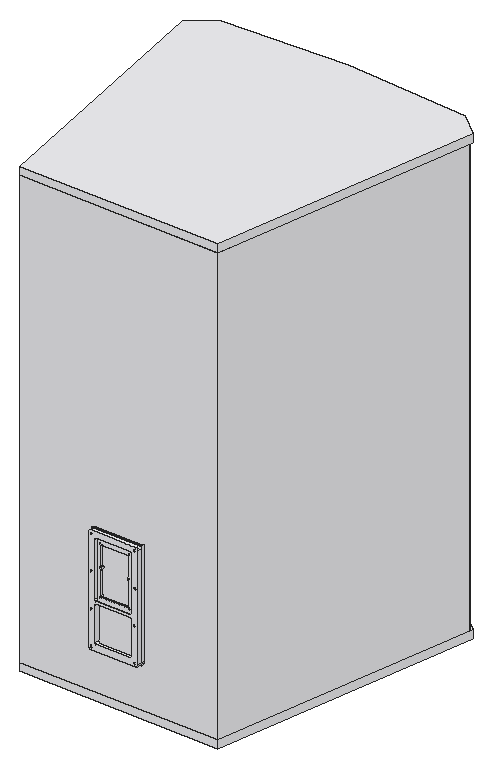
Revit family "EVC-1122-95", category Communication Devices, Revit 2017 (continued)
Definition of nested family "InputPanel_small"
  Lines and regions (mm)
    model lines
      curve 1113: line (-27.412, -4.337, 28.798) -> (-27.982, -4.337, 28.799)
      curve 1114: line (-27.982, -4.337, 28.799) -> (-25.944, -4.337, 31.286)
      curve 1115: line (-22.849, -4.337, 23.874) -> (-22.85, -4.337, 20.831)
      curve 1116: line (-22.85, -4.337, 20.831) -> (-17.426, -4.337, 20.83)
      curve 1117: line (-17.426, -4.337, 20.83) -> (-17.423, -4.337, 46.056)
      curve 1118: line (-17.423, -4.337, 46.056) -> (-22.846, -4.337, 46.056)
      curve 1119: line (-22.846, -4.337, 46.056) -> (-24.27, -4.337, 46.056)
      curve 1120: line (-24.27, -4.337, 46.056) -> (-21.157, -4.337, 46.184)
      curve 1121: line (-21.157, -4.337, 46.184) -> (-21.035, -4.337, 46.361)
      curve 1122: line (-24.273, -4.337, 20.831) -> (-22.85, -4.337, 20.831)
      curve 1123: line (-16.642, -4.337, 39.451) -> (-16.643, -4.337, 33.939)
      curve 1124: line (-16.643, -4.337, 33.939) -> (-12.428, -4.337, 33.939)
      curve 1125: line (-12.428, -4.337, 33.939) -> (-12.427, -4.337, 39.451)
      curve 1126: line (-12.427, -4.337, 39.451) -> (-16.642, -4.337, 39.451)
      curve 1127: line (-12.427, -4.337, 40.047) -> (-12.426, -4.337, 45.558)
      curve 1128: line (-12.426, -4.337, 45.558) -> (-16.641, -4.337, 45.559)
      curve 1129: line (-16.641, -4.337, 45.559) -> (-16.642, -4.337, 40.047)
      curve 1130: line (-16.642, -4.337, 40.047) -> (-12.427, -4.337, 40.047)
      curve 1131: line (-17.1, -4.337, 20.83) -> (-17.097, -4.337, 46.055)
      curve 1132: line (-17.097, -4.337, 46.055) -> (-11.97, -4.337, 46.055)
      curve 1133: line (-11.97, -4.337, 46.055) -> (-11.974, -4.337, 20.83)
      curve 1134: line (-11.974, -4.337, 20.83) -> (-17.1, -4.337, 20.83)
      curve 1135: line (-17.1, -4.337, 20.83) -> (-17.426, -4.337, 20.83)
      curve 1136: line (-16.644, -4.337, 26.839) -> (-16.644, -4.337, 21.327)
      curve 1137: line (-16.644, -4.337, 21.327) -> (-12.429, -4.337, 21.326)
      curve 1138: line (-12.429, -4.337, 21.326) -> (-12.428, -4.337, 26.838)
      curve 1139: line (-12.428, -4.337, 26.838) -> (-16.644, -4.337, 26.839)
      curve 1140: line (-12.428, -4.337, 27.434) -> (-12.428, -4.337, 32.946)
      curve 1141: line (-12.428, -4.337, 32.946) -> (-16.643, -4.337, 32.946)
      curve 1142: line (-16.643, -4.337, 32.946) -> (-16.644, -4.337, 27.434)
      curve 1143: line (-16.644, -4.337, 27.434) -> (-12.428, -4.337, 27.434)
      curve 1144: line (-17.097, -4.337, 46.055) -> (-17.423, -4.337, 46.056)
      curve 1145: line (-17.423, -4.337, 46.056) -> (-14.161, -4.337, 46.183)
      curve 1146: line (-14.161, -4.337, 46.183) -> (-14.039, -4.337, 46.36)
      curve 1147: line (-14.039, -4.337, 46.36) -> (-17.172, -4.337, 46.36)
      curve 1148: line (-17.172, -4.337, 46.36) -> (-17.294, -4.337, 46.183)
      curve 1149: line (-16.642, -4.337, 38.284) -> (-15.234, -4.337, 38.284)
      curve 1150: line (-15.234, -4.337, 38.284) -> (-14.908, -4.337, 38.972)
      curve 1151: line (-14.908, -4.337, 38.972) -> (-14.523, -4.337, 39.451)
      curve 1152: line (-16.644, -4.337, 25.672) -> (-15.235, -4.337, 25.671)
      curve 1153: line (-15.235, -4.337, 25.671) -> (-14.91, -4.337, 26.36)
      curve 1154: line (-14.91, -4.337, 26.36) -> (-14.525, -4.337, 26.838)
      curve 1155: line (-16.644, -4.337, 28.601) -> (-15.235, -4.337, 28.601)
      curve 1156: line (-15.235, -4.337, 28.601) -> (-14.91, -4.337, 27.913)
      curve 1157: line (-14.91, -4.337, 27.913) -> (-14.525, -4.337, 27.434)
      curve 1158: line (-16.642, -4.337, 41.214) -> (-15.234, -4.337, 41.214)
      curve 1159: line (-15.234, -4.337, 41.214) -> (-14.908, -4.337, 40.526)
      curve 1160: line (-14.908, -4.337, 40.526) -> (-14.523, -4.337, 40.047)
      curve 1161: line (-16.643, -4.337, 31.978) -> (-15.235, -4.337, 31.978)
      curve 1162: line (-15.235, -4.337, 31.978) -> (-14.909, -4.337, 32.666)
      curve 1163: line (-14.909, -4.337, 32.666) -> (-14.684, -4.337, 32.946)
      curve 1164: line (-16.642, -4.337, 44.591) -> (-15.233, -4.337, 44.59)
      curve 1165: line (-15.233, -4.337, 44.59) -> (-14.908, -4.337, 45.278)
      curve 1166: line (-14.908, -4.337, 45.278) -> (-14.682, -4.337, 45.559)
      curve 1167: line (-16.643, -4.337, 34.908) -> (-15.234, -4.337, 34.907)
      curve 1168: line (-15.234, -4.337, 34.907) -> (-14.909, -4.337, 34.219)
      curve 1169: line (-14.684, -4.337, 33.939) -> (-14.909, -4.337, 34.219)
      curve 1170: line (-14.909, -4.337, 34.219) -> (-14.908, -4.337, 38.972)
      curve 1171: line (-16.644, -4.337, 22.295) -> (-15.236, -4.337, 22.295)
      curve 1172: line (-15.236, -4.337, 22.295) -> (-14.911, -4.337, 21.607)
      curve 1173: line (-14.911, -4.337, 21.607) -> (-14.91, -4.337, 26.36)
      curve 1174: line (-14.685, -4.337, 21.327) -> (-14.911, -4.337, 21.607)
      curve 1175: line (-15.235, -4.337, 28.601) -> (-15.235, -4.337, 31.978)
      curve 1176: line (-15.234, -4.337, 41.214) -> (-15.233, -4.337, 44.59)
      curve 1177: line (-15.235, -4.337, 25.671) -> (-15.236, -4.337, 22.295)
      curve 1178: line (-15.234, -4.337, 38.284) -> (-15.234, -4.337, 34.907)
      curve 1179: line (-17.172, -4.337, 46.36) -> (-17.172, -4.337, 46.622)
      curve 1180: line (-17.172, -4.337, 46.622) -> (-14.039, -4.337, 46.621)
      curve 1181: line (-14.039, -4.337, 46.621) -> (-14.039, -4.337, 46.36)
      curve 1182: line (-17.172, -4.337, 46.622) -> (-17.753, -4.337, 46.622)
      curve 1183: line (-17.753, -4.337, 46.622) -> (-17.753, -4.337, 46.36)
      curve 1184: line (-17.753, -4.337, 46.36) -> (-17.631, -4.337, 46.183)
      curve 1185: line (-13.525, -4.337, 40.047) -> (-13.524, -4.337, 45.558)
      curve 1186: line (-13.527, -4.337, 27.434) -> (-13.526, -4.337, 32.946)
      curve 1187: line (-13.527, -4.337, 21.326) -> (-13.527, -4.337, 26.838)
      curve 1188: line (-13.526, -4.337, 33.939) -> (-13.525, -4.337, 39.451)
      curve 1189: line (-14.91, -4.337, 27.913) -> (-14.909, -4.337, 32.666)
      curve 1190: line (-14.908, -4.337, 40.526) -> (-14.908, -4.337, 45.278)
      curve 1191: line (-24.168, -4.337, 46.361) -> (-24.29, -4.337, 46.184)
      curve 1192: line (-24.168, -4.337, 46.622) -> (-24.168, -4.337, 46.361)
      curve 1193: line (-24.168, -4.337, 46.361) -> (-21.035, -4.337, 46.361)
      curve 1194: line (-21.035, -4.337, 46.361) -> (-21.035, -4.337, 46.622)
      curve 1195: line (-21.035, -4.337, 46.622) -> (-24.168, -4.337, 46.622)
      curve 1196: line (-24.168, -4.337, 46.622) -> (-24.749, -4.337, 46.623)
      curve 1197: line (-24.749, -4.337, 46.623) -> (-24.749, -4.337, 46.361)
      curve 1198: line (-24.749, -4.337, 46.361) -> (-24.627, -4.337, 46.184)
      curve 1199: line (-50.251, -4.337, 21.031) -> (-50.248, -4.337, 45.862)
      curve 1200: line (-50.193, -4.337, 45.807) -> (-50.196, -4.337, 21.086)
      curve 1201: line (-49.239, -4.337, 46.871) -> (-11.796, -4.337, 46.867)
      curve 1202: line (-11.851, -4.337, 46.812) -> (-49.184, -4.337, 46.816)
      curve 1203: line (-10.787, -4.337, 45.858) -> (-10.79, -4.337, 21.027)
      curve 1204: line (-10.79, -4.337, 21.029) -> (-10.842, -4.337, 45.803)
      curve 1205: line (-11.799, -4.337, 20.018) -> (-49.243, -4.337, 20.022)
      curve 1206: line (-49.188, -4.337, 20.077) -> (-11.854, -4.337, 20.073)
      curve 1207: line (-32.649, -4.337, 30.292) -> (-31.03, -4.337, 30.291)
      curve 1208: line (-31.03, -4.337, 30.291) -> (-30.696, -4.337, 30.291)
      curve 1209: line (-32.65, -4.337, 23.985) -> (-31.031, -4.337, 23.985)
      curve 1210: line (-31.031, -4.337, 23.985) -> (-30.698, -4.337, 23.985)
      curve 1211: line (-32.649, -4.337, 36.598) -> (-31.029, -4.337, 36.598)
      curve 1212: line (-31.029, -4.337, 36.598) -> (-30.696, -4.337, 36.598)
      curve 1213: line (-32.648, -4.337, 42.904) -> (-31.028, -4.337, 42.904)
      curve 1214: line (-31.028, -4.337, 42.904) -> (-30.695, -4.337, 42.904)
      curve 1215: line (-28.39, -4.337, 36.597) -> (-30.009, -4.337, 36.598)
      curve 1216: line (-30.009, -4.337, 36.598) -> (-30.343, -4.337, 36.598)
      curve 1217: line (-28.389, -4.337, 42.904) -> (-30.008, -4.337, 42.904)
      curve 1218: line (-30.008, -4.337, 42.904) -> (-30.341, -4.337, 42.904)
      curve 1219: line (-28.39, -4.337, 30.291) -> (-30.01, -4.337, 30.291)
      curve 1220: line (-30.01, -4.337, 30.291) -> (-30.343, -4.337, 30.291)
      curve 1221: line (-28.391, -4.337, 23.985) -> (-30.011, -4.337, 23.985)
      curve 1222: line (-30.011, -4.337, 23.985) -> (-30.344, -4.337, 23.985)
Definition of nested family "L-EV"
  Parameters (values of type "L-EV")
    Material = ""
    Default Elevation = 1219.20 mm
  Reference planes
    plane 1 "Center (Front/Back)": y = 0
    plane 2: z = 0
    plane 3 "Center (Left/Right)": x = 0
  Forms (mm)
    Extrusion 1, solid, not visible
      sketch origin (18.736, -0.5, -73.012) x (1, 0, 0) y (0, 0, 1)
        loop
          arc (-38.866, 94.012) -> (-39.481, 93.758) -> (-39.736, 93.143) r 0.869
          line (-39.736, 93.143) -> (-39.736, 52.882)
          arc (-39.736, 52.882) -> (-39.481, 52.267) -> (-38.866, 52.012) r 0.869
          line (-38.866, 52.012) -> (1.395, 52.012)
          arc (1.395, 52.012) -> (2.01, 52.267) -> (2.264, 52.882) r 0.869
          line (2.264, 52.882) -> (2.264, 93.143)
          arc (2.264, 93.143) -> (2.01, 93.758) -> (1.395, 94.012) r 0.869
          line (1.395, 94.012) -> (-38.866, 94.012)
      from 0 to -0.5
    Extrusion 2, solid, detail levels fine
      sketch origin (18.736, 4, -73.24) x (1, 0, 0) y (0, 0, 1)
        loop
          line (-37.736, 92.24) -> (-37.736, 54.24) -> (0.264, 54.24) -> (0.264, 92.24) -> (-37.736, 92.24)
        loop
          line (-33.659, 85.319) -> (-33.659, 66.596) -> (-21.783, 66.596) -> (-21.783, 70.665) -> (-29.2, 70.665) -> (-29.2, 73.924) -> (-21.783, 73.924) -> (-21.783, 77.992) -> (-29.2, 77.992) -> (-29.2, 81.251) -> (-21.783, 81.251) -> (-21.783, 85.319) -> (-33.659, 85.319)
        loop
          line (-20.026, 77.992) -> (-20.026, 73.924) -> (-17.153, 73.924) -> (-17.153, 59.688) -> (-12.74, 59.688) -> (-2.619, 82.277) -> (-7.421, 82.277) -> (-12.694, 70.408) -> (-12.694, 77.992) -> (-20.026, 77.992)
      from 4.5 to 5
    Extrusion 3, solid, detail levels medium+fine
      sketch origin (0, 0, 0) x (1, 0, 0) y (0, 0, 1)
        loop
          line (19.816, 21) -> (-19.816, 21)
          arc (-19.816, 21) -> (-20.653, 20.653) -> (-21, 19.816) r 1.184
          line (-21, 19.816) -> (-21, -19.816)
          arc (-21, -19.816) -> (-20.653, -20.653) -> (-19.816, -21) r 1.184
          line (-19.816, -21) -> (19.816, -21)
          arc (19.816, -21) -> (20.653, -20.653) -> (21, -19.816) r 1.184
          line (21, -19.816) -> (21, 19.816)
          arc (21, 19.816) -> (20.653, 20.653) -> (19.816, 21) r 1.184
      from -1 to 0.5
Definition of nested family "2D_CabinetLoudspeaker"
  Parameters (values of type "LoudSpeaker")
    Pan2D [instance] = 0.00°
  Reference planes
    plane 1: y = 0
    plane 2: x = 0
  Lines and regions (mm)
    Masking region 1
      outline origin (0, 0, 0) x (0, -1, 0) y (1, 0, 0)
        loop
          circle (0, 0) r 4.2
    detail lines
      curve 1: line (1.484, 2.897, 0) -> (1.484, 1.008, 0)
      curve 2: line (-1.484, 2.897, 0) -> (1.484, 2.897, 0)
      curve 3: line (-1.484, 1.008, 0) -> (-1.484, 2.897, 0)
      curve 4: line (1.484, 1.008, 0) -> (3.102, -1.911, 0)
      curve 5: line (3.102, -1.911, 0) -> (-3.102, -1.911, 0)
      curve 6: line (-3.102, -1.911, 0) -> (-1.484, 1.008, 0)
      curve 8: line (-1.484, 1.008, 0) -> (1.484, 1.008, 0)
    reference lines
      curve 7: line (0, 0, 0) -> (0, -10.967, 0)
  Dimensions and locks
    "Pan2D": angle curve 7 to plane 2
    aligned and locked: curve 8 to curve 4
    aligned and locked: curve 8 to curve 3
    aligned and locked: curve 1 to curve 8
    aligned and locked: curve 6 to curve 8
    aligned and locked: plane 2 to curve 7
    aligned and locked: plane 1 to curve 7
  Automatic sketch dimensions
    Masking region 1 sketch curve to curve 7 = 0.00 mm  (x2)
    curve 3 to curve 7 = 2.897 mm
    curve 3 to curve 7 = 1.008 mm
    curve 4 to curve 7 = 1.008 mm
    curve 7 to curve 5 = 1.911 mm
    curve 6 to curve 7 = 3.102 mm
    curve 7 to curve 2 = 1.484 mm
    curve 7 to curve 1 = 1.484 mm
    curve 7 to curve 4 = 3.102 mm
    radius of Masking region 1 sketch curve = 4.20 mm
Types (5, lengths in mm): name | ModelNumber | MaterialRALColour | LoudspeakerMaterial | GrillMaterial | CTN
  (no name) | "F.01U.329.286" | "RAL9010" | 13-plyWeather-resistantBirchEVCoat -RAL9010 | 16GA Powder-coatedGalvanneal - W | "EVC112295W"
  EVC112295B_12"_Speaker_90x55_Black | "F.01U.329.285" | "RAL9004" | 13-plyWeather-resistantBirchEVCoat -RAL9004 | 16GA Powder-coatedGalvanneal - B | "EVC112295B"
  EVC112295PIB_12"_Speaker_90x55_Black | "F.01U.329.287" | "RAL9004" | 13-plyWeather-resistantBirchEVCoat -RAL9004 | 16GA Powder-coatedGalvanneal - B | "EVC112295PIB"
  EVC112295W_12"_Speaker_90x55_White | "F.01U.329.286" | "RAL9010" | 13-plyWeather-resistantBirchEVCoat -RAL9010 | 16GA Powder-coatedGalvanneal - W | "EVC112295W"
  EVC112295PIW_12"_Speaker_90x55_White | "F.01U.329.288" | "RAL9010" | 13-plyWeather-resistantBirchEVCoat -RAL9010 | 16GA Powder-coatedGalvanneal - W | "EVC112295PIW"
